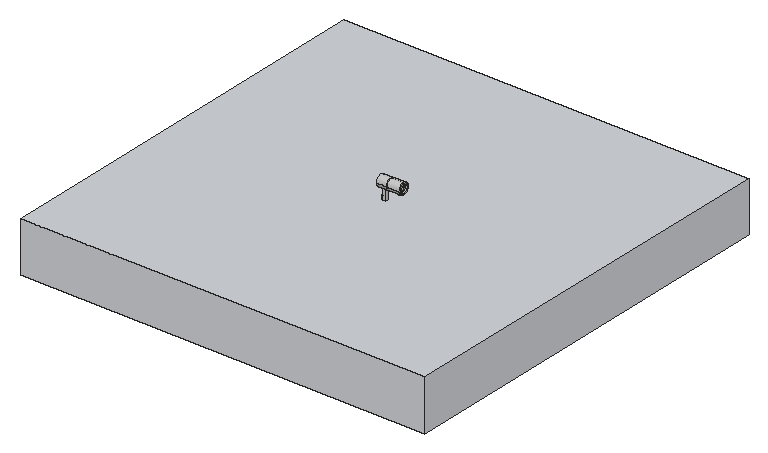
Revit family "LAMP_HANCE 48V 1000-2000 MEDIUM FLOOD", category Luminarias, Revit 2015
Parameters (values of type "685LM 2700 MEDIUM FLOOD BLACK")
  Weight = 0.435 kg
  Type = "COB PHILIPS"
  Tilting angle [instance] = 90.00°
  Tilting [instance] = if(Tilting angle < 0.00°, 0.00°, if(Tilting angle > 90.00°, 90.00°, Tilting angle))  # 90.00°
  Rotation angle [instance] = 90.00°
  Protection rating = "IP20"
  Product datasheet = "http://www.lamp.es/product-files/TECH/HS1TL10MF827NBB-EN.pdf"
  Product code = "HS1TL10MF827NBB"
  Product URL = "https://www.lamp.es/en/family/hance-48v_195581"
  Power Supply = "48V DC"
  Power = 9 W
  Plum = 9.4 W
  Photometric web file = Cuerpo Hance 48V BASE 1000_2000 (tilting)_MF : 685LM 2700 MEDIUM FLOOD BLACK
  Modelo = Product code  # "HS1TL10MF827NBB"
  Model explanation = "Availability of tilting between 0º and 90º, rotation between 0º and 355º and change ring color when placed in a project."
  Material tija = LAMP_Aluminio Hance Negro
  Manufacturer name = "LAMP"
  Manufacturer country = "Spain"
  Manufacturer URL = "http://www.lamp.es/en"
  MacAdam = "3"
  Luminaire type = "Indoor - Spotlight"
  Last update = "28/03/2019"
  Lamp = "COB LED"
  LED Lifetime = "50.000 L90 B10"
  Insulation class = "III"
  Installation instructions = "https://www.lamp.es/product-files/INS/1004290-B-INSTR.%20DE%20MONTAJE%20HANCE%2048V.pdf"
  Initial intensity = 685 lm
  Initial color = 2700 K
  IEE = "A+"
  Height = 135 mm
  Gear = "Electronic"
  Finish = "RAL9011 textured"
  Fabricante = Manufacturer name  # "LAMP"
  Default Elevation = 1219.2 mm
  Efficacy = 73 lm/W
  Diameter = 65 mm
  Descripción = "HANCE TRACK 48 1000 VWW MFL BK."
  Decorative ring [instance] = Aro decorativo 48V (tilting) (1000-2000) : Black
  Comentarios de tipo = Model explanation  # "Availability of tilting between 0º and 90º, rotation between 0º and 355º and change ring color when placed in a project."
  CRI = "80"
Types (12, lengths in mm): name | Product datasheet | Product code | Power | Plum | Photometric web file | Modelo | Material tija | LED Lifetime | Initial intensity | Initial color | Finish | Efficacy | Descripción
  685LM 2700 MEDIUM FLOOD BLACK | "http://www.lamp.es/product-files/TECH/HS1TL10MF827NBB-EN.pdf" | "HS1TL10MF827NBB" | 9 W | 9.4 W | Cuerpo Hance 48V BASE 1000_2000 (tilting)_MF : 685LM 2700 MEDIUM FLOOD BLACK | "HS1TL10MF827NBB" | LAMP_Aluminio Hance Negro | "50.000 L90 B10" | 685 lm | 2700 K | "RAL9011 textured" | 73 lm/W | "HANCE TRACK 48 1000 VWW MFL BK."
  685LM 2700 MEDIUM FLOOD WHITE | "http://www.lamp.es/product-files/TECH/HS1TL10MF827NBW-EN.pdf" | "HS1TL10MF827NBW" | 9 W | 9.4 W | Cuerpo Hance 48V BASE 1000_2000 (tilting)_MF : 685LM 2700 MEDIUM FLOOD WHITE | "HS1TL10MF827NBW" | LAMP_Aluminio Hance Blanco | "50.000 L90 B10" | 685 lm | 2700 K | "RAL9010 textured" | 73 lm/W | "HANCE TRACK 48 1000 VWW MFL WH."
  699LM 3000 MEDIUM FLOOD BLACK | "http://www.lamp.es/product-files/TECH/HS1TL10MF830NBB-EN.pdf" | "HS1TL10MF830NBB" | 9 W | 9.4 W | Cuerpo Hance 48V BASE 1000_2000 (tilting)_MF : 699LM 3000 MEDIUM FLOOD BLACK | "HS1TL10MF830NBB" | LAMP_Aluminio Hance Negro | "50.000 L90 B10" | 699 lm | 3000 K | "RAL9011 textured" | 74 lm/W | "HANCE TRACK 48 1000 WW MFL BK."
  699LM 3000 MEDIUM FLOOD WHITE | "http://www.lamp.es/product-files/TECH/HS1TL10MF830NBW-EN.pdf" | "HS1TL10MF830NBW" | 9 W | 9.4 W | Cuerpo Hance 48V BASE 1000_2000 (tilting)_MF : 699LM 3000 MEDIUM FLOOD WHITE | "HS1TL10MF830NBW" | LAMP_Aluminio Hance Blanco | "50.000 L90 B10" | 699 lm | 3000 K | "RAL9010 textured" | 74 lm/W | "HANCE TRACK 48 1000 WW MFL WH."
  740LM 4000 MEDIUM FLOOD BLACK | "http://www.lamp.es/product-files/TECH/HS1TL10MF840NBB-EN.pdf" | "HS1TL10MF840NBB" | 9 W | 9.4 W | Cuerpo Hance 48V BASE 1000_2000 (tilting)_MF : 740LM 4000 MEDIUM FLOOD BLACK | "HS1TL10MF840NBB" | LAMP_Aluminio Hance Negro | "50.000 L90 B10" | 740 lm | 4000 K | "RAL9011 textured" | 79 lm/W | "HANCE TRACK 48 1000 NW MFL BK."
  740LM 4000 MEDIUM FLOOD WHITE | "http://www.lamp.es/product-files/TECH/HS1TL10MF840NBW-EN.pdf" | "HS1TL10MF840NBW" | 9 W | 9.4 W | Cuerpo Hance 48V BASE 1000_2000 (tilting)_MF : 740LM 4000 MEDIUM FLOOD WHITE | "HS1TL10MF840NBW" | LAMP_Aluminio Hance Blanco | "50.000 L90 B10" | 740 lm | 4000 K | "RAL9010 textured" | 79 lm/W | "HANCE TRACK 48 1000 NW MFL WH."
  1487LM 2700 MEDIUM FLOOD BLACK | "http://www.lamp.es/product-files/TECH/HS1TL20MF827NBB-EN.pdf" | "HS1TL20MF827NBB" | 18 W | 16.9 W | Cuerpo Hance 48V BASE 1000_2000 (tilting)_MF : 1487LM 2700 MEDIUM FLOOD BLACK | "HS1TL20MF827NBB" | LAMP_Aluminio Hance Negro | "50.000 L80 B10" | 1487 lm | 2700 K | "RAL9011 textured" | 88 lm/W | "HANCE TRACK 48 2000 VWW MFL BK."
  1487LM 2700 MEDIUM FLOOD WHITE | "http://www.lamp.es/product-files/TECH/HS1TL20MF827NBW-EN.pdf" | "HS1TL20MF827NBW" | 18 W | 16.9 W | Cuerpo Hance 48V BASE 1000_2000 (tilting)_MF : 1487LM 2700 MEDIUM FLOOD WHITE | "HS1TL20MF827NBW" | LAMP_Aluminio Hance Blanco | "50.000 L80 B10" | 1487 lm | 2700 K | "RAL9010 textured" | 88 lm/W | "HANCE TRACK 48 2000 VWW MFL WH."
  1517LM 3000 MEDIUM FLOOD BLACK | "http://www.lamp.es/product-files/TECH/HS1TL20MF830NBB-EN.pdf" | "HS1TL20MF830NBB" | 18 W | 16.9 W | Cuerpo Hance 48V BASE 1000_2000 (tilting)_MF : 1517LM 3000 MEDIUM FLOOD BLACK | "HS1TL20MF830NBB" | LAMP_Aluminio Hance Negro | "50.000 L80 B10" | 1517 lm | 3000 K | "RAL9011 textured" | 90 lm/W | "HANCE TRACK 48 2000 WW MFL BK."
  1517LM 3000 MEDIUM FLOOD WHITE | "http://www.lamp.es/product-files/TECH/HS1TL20MF830NBW-EN.pdf" | "HS1TL20MF830NBW" | 18 W | 16.9 W | Cuerpo Hance 48V BASE 1000_2000 (tilting)_MF : 1517LM 3000 MEDIUM FLOOD WHITE | "HS1TL20MF830NBW" | LAMP_Aluminio Hance Blanco | "50.000 L80 B10" | 1517 lm | 3000 K | "RAL9010 textured" | 90 lm/W | "HANCE TRACK 48 2000 WW MFL WH."
  1607LM 4000 MEDIUM FLOOD BLACK | "http://www.lamp.es/product-files/TECH/HS1TL20MF840NBB-EN.pdf" | "HS1TL20MF840NBB" | 18 W | 16.9 W | Cuerpo Hance 48V BASE 1000_2000 (tilting)_MF : 1607LM 4000 MEDIUM FLOOD BLACK | "HS1TL20MF840NBB" | LAMP_Aluminio Hance Negro | "50.000 L80 B10" | 1607 lm | 4000 K | "RAL9011 textured" | 95 lm/W | "HANCE TRACK 48 2000 NW MFL BK."
  1607LM 4000 MEDIUM FLOOD WHITE | "http://www.lamp.es/product-files/TECH/HS1TL20MF840NBW-EN.pdf" | "HS1TL20MF840NBW" | 18 W | 16.9 W | Cuerpo Hance 48V BASE 1000_2000 (tilting)_MF : 1607LM 4000 MEDIUM FLOOD WHITE | "HS1TL20MF840NBW" | LAMP_Aluminio Hance Blanco | "50.000 L80 B10" | 1607 lm | 4000 K | "RAL9010 textured" | 95 lm/W | "HANCE TRACK 48 2000 NW MFL WH."
Reference planes
  plane 1 "Centro (Frontal/Posterior)": y = 0
  plane 2: z = 0
  plane 3 "Centro (Izquierda/Derecha)": x = 0
Forms (mm)
  Extrusion 1, solid
    sketch origin (0, 0, 0) x (1, 0, 0) y (0, 1, 0)
      loop
        line (-1219.2, 1219.2) -> (-1219.2, -1219.2) -> (1219.2, -1219.2) -> (1219.2, 1219.2) -> (-1219.2, 1219.2)
    from 0 to -304.8
Lines and regions (mm)
  reference lines
    curve 1: line (0, 0, 0) -> (35, 0, 0)
Text (mm)
  text "Any modification of the parameters and properties of the LAMP BIM models must be executed and validated by the LAMP technical department.\n\nPhone: +34 93 736 68 00\n\nE-mail: lamp@lamp.es\n\n\n\nLAMP reserves the right to modify the technical specifications of its products." at (-20834.097, 15882.061, -4447.286), in view "Preview"
Dimensions and locks
  "Rotation angle": angle curve 1 to plane 3 "Centro (Izquierda/Derecha)"
  aligned and locked: plane 2 to Extrusion 1
  aligned and locked: level to Extrusion 1
  aligned and locked: plane 3 "Centro (Izquierda/Derecha)" to curve 1
  aligned and locked: plane 1 "Centro (Frontal/Posterior)" to curve 1
Automatic sketch dimensions
  Extrusion 1 sketch curve to Extrusion 1 sketch curve = 2438.4 mm  (x2)
Nested families
  nested 1: "Tija 48V (1000-2000)" at (4.1, 0, 0), type "Tija 48V"
  nested 2: "Cuerpo Hance 48V BASE 1000_2000 (tilting)_MF" at (1.081, -1.967, 77.249) x (1, 0, 0) z (0, 0, -1), type <- "Photometric web file", type "685LM 2700 MEDIUM FLOOD BLACK"
  nested 3: "Aro decorativo 48V (tilting) (1000-2000)" at (57.856, 0, 77.274) x (0, 0, 1) z (1, 0, 0), type <- "Decorative ring", type "Black"
    with Tilting 0.00°
Definition of nested family "Tija 48V (1000-2000)"
  Parameters (values of type "Tija 48V")
    Profundidad tija = 18 mm
    Material tija = none
    Default Elevation = 1219.2 mm
    Diametro vaciado redondo = if(Anchura tija = 20 mm, 10 mm, 7.5 mm)  # 10 mm
    Anchura tija = 20 mm
    Profundo vaciado = if(Profundidad tija = 18 mm, 10.8 mm, 1 mm)  # 10.8 mm
    Ancho vaciado = Anchura tija  # 20 mm
    Altura tija = 88.5 mm
  Reference planes
    plane 1 "Centro (Frontal/Posterior)": y = 0
    plane 2: z = 0
    plane 3 "Centro (Izquierda/Derecha)": x = 0
  Forms (mm)
    Extrusion 1, solid
      sketch origin (0, 0, 0) x (1, 0, 0) y (0, 1, 0)
        loop
          line (-1219.2, 1219.2) -> (-1219.2, -1219.2) -> (1219.2, -1219.2) -> (1219.2, 1219.2) -> (-1219.2, 1219.2)
      from 0 to -304.8
    Extrusion 2, solid, material <- "Material tija"
      sketch origin (0, 0, -18) x (1, 0, 0) y (0, 0, 1)
        loop
          line (13.9, 18) -> (13.9, 106.5) -> (-6.297, 106.5)
          arc (-6.297, 106.5) -> (-12.297, 100.5) -> (-6.297, 94.5) r 6
          line (-6.297, 94.5) -> (-4.1, 94.5) -> (-4.1, 40) -> (-18.142, 40) -> (-18.142, 18) -> (-4.1, 18) -> (13.9, 18)
      from -10 to 10
    Extrusion 3, void
      sketch origin (10.8, -11.5, 0) x (-1, 0, 0) y (0, 1, 0)
        loop
          line (0, 21.5) -> (-28.341, 21.5) -> (-28.341, 1.5) -> (0, 1.5)
          arc (0, 1.5) -> (-1.264, 11.5) -> (0, 21.5) r 40.201
      from -132.265 to 0
    Extrusion 4, void
      sketch origin (27.648, 0, 0) x (1, 0, 0) y (0, 1, 0)
        loop
          line (-31.748, 10) -> (-31.748, 20) -> (-61.648, 20) -> (-61.648, -18.394) -> (-31.748, -18.394) -> (-31.748, -10)
          arc (-31.748, -10) -> (-41.748, 0) -> (-31.748, 10) r 10
      from 0 to 22
    Extrusion 5, void
      sketch origin (0, 0, 0) x (1, 0, 0) y (0, 0, 1)
        loop
          circle (-7.621, 82.5) r 3.125
        loop
          circle (-7.621, 46.9) r 3.125
      from -21.347 to 27.483
  Cuts and joins
    Extrusion 3, Extrusion 4, Extrusion 5 cuts Extrusion 2
  Lines and regions (mm)
    reference lines
      curve 1: line (10.8, -11.5, 0) -> (10.8, 11.5, 0)
  Dimensions and locks
    equal spacing: cut or joined group of Extrusion 2, Extrusion 3, Extrusion 4, Extrusion 5, plane 1 "Centro (Frontal/Posterior)", cut or joined group of Extrusion 2, Extrusion 3, Extrusion 4, Extrusion 5
    "Anchura tija": cut or joined group of Extrusion 2, Extrusion 3, Extrusion 4, Extrusion 5 to cut or joined group of Extrusion 2, Extrusion 3, Extrusion 4, Extrusion 5
    plane 1 "Centro (Frontal/Posterior)" to Extrusion 3 sketch curve = 10 mm
    "Altura tija": Extrusion 2 sketch curve to Extrusion 2 sketch curve
    "Profundidad tija": cut or joined group of Extrusion 2, Extrusion 3, Extrusion 4, Extrusion 5 to cut or joined group of Extrusion 2, Extrusion 3, Extrusion 4, Extrusion 5
    locked: cut or joined group of Extrusion 2, Extrusion 3, Extrusion 4, Extrusion 5 to plane 3 "Centro (Izquierda/Derecha)" at 4.1
    locked: plane 3 "Centro (Izquierda/Derecha)" to Extrusion 3 sketch curve at 39.141
    "Profundo vaciado": plane 3 "Centro (Izquierda/Derecha)" to curve 1
    "Ancho vaciado": Extrusion 3 sketch curve to Extrusion 3 sketch curve
    equal spacing: Extrusion 3 sketch curve, plane 1 "Centro (Frontal/Posterior)", Extrusion 3 sketch curve
    "Diametro vaciado redondo": radius of Extrusion 4 sketch curve
    aligned and locked: plane 2 to Extrusion 1
    aligned and locked: level to Extrusion 1
  Automatic sketch dimensions
    Extrusion 1 sketch curve to Extrusion 1 sketch curve = 2438.4 mm  (x2)
    Extrusion 5 sketch curve to plane 3 "Centro (Izquierda/Derecha)" = 7.621 mm  (x2)
    level to Extrusion 5 sketch curve = 46.9 mm
    Extrusion 5 sketch curve to Extrusion 5 sketch curve = 35.6 mm
    Extrusion 5 sketch curve to Extrusion 5 sketch curve = 3.125 mm  (x2)
    Extrusion 2 sketch curve to level = 0 mm
    Extrusion 2 sketch curve to plane 3 "Centro (Izquierda/Derecha)" = 18.142 mm
    Extrusion 2 sketch curve to plane 3 "Centro (Izquierda/Derecha)" = 6.297 mm
    Extrusion 2 sketch curve to plane 3 "Centro (Izquierda/Derecha)" = 4.1 mm  (x2)
    plane 3 "Centro (Izquierda/Derecha)" to Extrusion 2 sketch curve = 13.9 mm
    level to Extrusion 2 sketch curve = 22 mm
    Extrusion 2 sketch curve to Extrusion 2 sketch curve = 12 mm
    plane 1 "Centro (Frontal/Posterior)" to curve 1 = 11.5 mm
    curve 1 to plane 1 "Centro (Frontal/Posterior)" = 11.5 mm
    Extrusion 3 sketch curve to curve 1 = 0 mm  (x2)
    curve 1 to Extrusion 3 sketch curve = 38.937 mm
    plane 1 "Centro (Frontal/Posterior)" to Extrusion 4 sketch curve = 0 mm
    Extrusion 4 sketch curve to plane 3 "Centro (Izquierda/Derecha)" = 34 mm
    Extrusion 4 sketch curve to plane 3 "Centro (Izquierda/Derecha)" = 4.1 mm
    plane 1 "Centro (Frontal/Posterior)" to Extrusion 4 sketch curve = 18.394 mm
    Extrusion 4 sketch curve to Extrusion 4 sketch curve = 10 mm
Definition of nested family "Cuerpo Hance 48V BASE 1000_2000 (tilting)_MF"
  Parameters (values of type "685LM 2700 MEDIUM FLOOD BLACK")
    Tilting = 90.00°
    Photometric web file = Cuerpo Hance 48V BASE 1000_2000_MF : 685LM 2700 MEDIUM FLOOD BLACK
    Longitud cuerpo = 135 mm
    Default Elevation = 1219.2 mm
  Types (13, lengths in mm): name | Photometric web file
    (no name) | Cuerpo Hance 48V BASE 1000_2000_MF : 685LM 2700 MEDIUM FLOOD BLACK
    685LM 2700 MEDIUM FLOOD BLACK | Cuerpo Hance 48V BASE 1000_2000_MF : 685LM 2700 MEDIUM FLOOD BLACK
    685LM 2700 MEDIUM FLOOD WHITE | Cuerpo Hance 48V BASE 1000_2000_MF : 685LM 2700 MEDIUM FLOOD WHITE
    699LM 3000 MEDIUM FLOOD BLACK | Cuerpo Hance 48V BASE 1000_2000_MF : 699LM 3000 MEDIUM FLOOD BLACK
    699LM 3000 MEDIUM FLOOD WHITE | Cuerpo Hance 48V BASE 1000_2000_MF : 699LM 3000 MEDIUM FLOOD WHITE
    740LM 4000 MEDIUM FLOOD BLACK | Cuerpo Hance 48V BASE 1000_2000_MF : 740LM 4000 MEDIUM FLOOD BLACK
    740LM 4000 MEDIUM FLOOD WHITE | Cuerpo Hance 48V BASE 1000_2000_MF : 740LM 4000 MEDIUM FLOOD WHITE
    1487LM 2700 MEDIUM FLOOD BLACK | Cuerpo Hance 48V BASE 1000_2000_MF : 1487LM 2700 MEDIUM FLOOD BLACK
    1487LM 2700 MEDIUM FLOOD WHITE | Cuerpo Hance 48V BASE 1000_2000_MF : 1487LM 2700 MEDIUM FLOOD WHITE
    1517LM 3000 MEDIUM FLOOD BLACK | Cuerpo Hance 48V BASE 1000_2000_MF : 1517LM 3000 MEDIUM FLOOD BLACK
    1517LM 3000 MEDIUM FLOOD WHITE | Cuerpo Hance 48V BASE 1000_2000_MF : 1517LM 3000 MEDIUM FLOOD WHITE
    1607LM 4000 MEDIUM FLOOD BLACK | Cuerpo Hance 48V BASE 1000_2000_MF : 1607LM 4000 MEDIUM FLOOD BLACK
    1607LM 4000 MEDIUM FLOOD WHITE | Cuerpo Hance 48V BASE 1000_2000_MF : 1607LM 4000 MEDIUM FLOOD WHITE
  Reference planes
    plane 1 "Centro (Frontal/Posterior)": y = 0
    plane 2: z = 0
    plane 3 "Centro (Izquierda/Derecha)": x = 0
  Lines and regions (mm)
    reference lines
      curve 1: line (0, 0, 0) -> (200, 0, 0)
  Dimensions and locks
    "Tilting": angle plane 3 "Centro (Izquierda/Derecha)" to curve 1
    aligned and locked: level to plane 2
    aligned and locked: plane 3 "Centro (Izquierda/Derecha)" to curve 1
    aligned and locked: plane 2 to curve 1
  Nested families
    nested 1: "Cuerpo Hance 48V BASE 1000_2000_MF" at (21.857, -1.967, 11.25), type <- "Photometric web file", type "685LM 2700 MEDIUM FLOOD BLACK"
  Definition of nested family "Cuerpo Hance 48V BASE 1000_2000_MF"
    Parameters (values of type "685LM 2700 MEDIUM FLOOD BLACK")
      Tilt Angle = 90.00° + Tilting  # 180.00°
      Wattage = 9.4 W
      Tilting = 90.00°
      built-in parameter 1150107 = 2700 (stored number, unit not read)
      Radio vacio posterior = Radio cuerpo - 2.2 mm  # 30.3 mm
      Radio vaciado = Radio cuerpo - 1.5 mm  # 31 mm
      Radio optica = if(Radio cuerpo = 20 mm, 10 mm, 23 mm)  # 23 mm
      Radio cuerpo = if(Longitud cuerpo = 78 mm, 20 mm, 32.5 mm)  # 32.5 mm
      built-in parameter 1150110 = 1 (stored number, unit not read)
      built-in parameter 1150109 = 1 (stored number, unit not read)
      built-in parameter 1150112 = 1 (stored number, unit not read)
      built-in parameter 1150113 = 1 (stored number, unit not read)
      built-in parameter 1114218 = 1 (stored number, unit not read)
      built-in parameter 1150137 = (empty or 0)
      built-in parameter 1150132 = 2
      Material reflector = none
      Material optica = none
      Material cuerpo = none
      Material COB = none
      Longitud cuerpo = 135 mm
      Long. origen luz = if(Longitud cuerpo = 78 mm, 20 mm, 77 mm)  # 77 mm
      L_2 = if(Ancho disipador posterior = 32 mm, 9.5 mm, 21 mm)  # 21 mm
      L_1 = if(Ancho disipador posterior = 32 mm, 13 mm, 27 mm)  # 27 mm
      built-in parameter 1150105 = 3804 (stored number, unit not read)
      built-in parameter 1150102 = (empty or 0)
      built-in parameter 1150106 = 38.04 (stored number, unit not read)
      Lumens = 686.2 lm
      Color Filter = 16777215
      built-in parameter 1114217 = 1 (stored number, unit not read)
      built-in parameter 1150139 = (empty or 0)
      Default Elevation = 1219.2 mm
      built-in parameter 1150104 = 6.7819 (stored number, unit not read)
      Efficacy = 73 lm/W
      Diametro aro = if(Radio cuerpo = 20 mm, 17.9 mm, 30.4 mm)  # 30.4 mm
      built-in parameter 1150115 = 1 (stored number, unit not read)
      built-in parameter 1150114 = 1 (stored number, unit not read)
      built-in parameter 1150138 = (empty or 0)
      built-in parameter 1150134 = (empty or 0)
      Dimming Lamp Color Temperature Shift = (empty or 0)
      Photometric Web File = "HS1TL10MF827NBB.IES"
      Ancho vaciado reflector = Ancho reflector - 1 mm  # 23 mm
      Ancho reflector = 24 mm
      Ancho disipador posterior = if(Radio cuerpo = 20 mm, 32 mm, 57 mm)  # 57 mm
      built-in parameter 1150133 = 10 (stored number, unit not read)
      Altura disipador superior = if(Radio cuerpo = 20 mm, 44.3 mm, 45.3 mm)  # 45.3 mm
      Ancho disipador superior = if(Radio cuerpo = 20 mm, 16.8 mm, 22.6 mm)  # 22.6 mm
    Types (12, lengths in mm): name | Wattage | built-in parameter 1150107 | built-in parameter 1150105 | built-in parameter 1150106 | Lumens | built-in parameter 1150104 | Efficacy | built-in parameter 1150134 | Photometric Web File
      685LM 2700 MEDIUM FLOOD BLACK | 9.4 W | 2700 (stored number, unit not read) | 3804 (stored number, unit not read) | 38.04 (stored number, unit not read) | 686.2 lm | 6.7819 (stored number, unit not read) | 73 lm/W | (empty or 0) | "HS1TL10MF827NBB.IES"
      685LM 2700 MEDIUM FLOOD WHITE | 9.4 W | 2700 (stored number, unit not read) | 3804 (stored number, unit not read) | 38.04 (stored number, unit not read) | 686.2 lm | 6.7819 (stored number, unit not read) | 73 lm/W | (empty or 0) | "HS1TL10MF827NBW.IES"
      699LM 3000 MEDIUM FLOOD BLACK | 9.4 W | 3000 (stored number, unit not read) | 2583.5 (stored number, unit not read) | 25.835 (stored number, unit not read) | 695.6 lm | 6.8748 (stored number, unit not read) | 74 lm/W | (empty or 0) | "HS1TL10MF830NBB.IES"
      699LM 3000 MEDIUM FLOOD WHITE | 9.4 W | 3000 (stored number, unit not read) | 2583.5 (stored number, unit not read) | 25.835 (stored number, unit not read) | 695.6 lm | 6.8748 (stored number, unit not read) | 74 lm/W | (empty or 0) | "HS1TL10MF830NBW.IES"
      740LM 4000 MEDIUM FLOOD BLACK | 9.4 W | 4000 (stored number, unit not read) | 2758 (stored number, unit not read) | 27.58 (stored number, unit not read) | 742.6 lm | 7.3393 (stored number, unit not read) | 79 lm/W | 12 | "HS1TL10MF840NBB.IES"
      740LM 4000 MEDIUM FLOOD WHITE | 9.4 W | 4000 (stored number, unit not read) | 2758 (stored number, unit not read) | 27.58 (stored number, unit not read) | 742.6 lm | 7.3393 (stored number, unit not read) | 79 lm/W | 12 | "HS1TL10MF840NBW.IES"
      1487LM 2700 MEDIUM FLOOD BLACK | 16.9 W | 2700 (stored number, unit not read) | 5523.5 (stored number, unit not read) | 55.235 (stored number, unit not read) | 1487.2 lm | 8.1755 (stored number, unit not read) | 88 lm/W | (empty or 0) | "HS1TL20MF827NBB.IES"
      1487LM 2700 MEDIUM FLOOD WHITE | 16.9 W | 2700 (stored number, unit not read) | 5523.5 (stored number, unit not read) | 55.235 (stored number, unit not read) | 1487.2 lm | 8.1755 (stored number, unit not read) | 88 lm/W | (empty or 0) | "HS1TL20MF827NBW.IES"
      1517LM 3000 MEDIUM FLOOD BLACK | 16.9 W | 3000 (stored number, unit not read) | 5271.9 (stored number, unit not read) | 52.719 (stored number, unit not read) | 1521 lm | 8.3613 (stored number, unit not read) | 90 lm/W | (empty or 0) | "HS1TL20MF830NBB.IES"
      1517LM 3000 MEDIUM FLOOD WHITE | 16.9 W | 3000 (stored number, unit not read) | 5271.9 (stored number, unit not read) | 52.719 (stored number, unit not read) | 1521 lm | 8.3613 (stored number, unit not read) | 90 lm/W | (empty or 0) | "HS1TL20MF830NBW.IES"
      1607LM 4000 MEDIUM FLOOD BLACK | 16.9 W | 4000 (stored number, unit not read) | 5564.8 (stored number, unit not read) | 55.648 (stored number, unit not read) | 1605.5 lm | 8.8258 (stored number, unit not read) | 95 lm/W | 12 | "HS1TL20MF840NBB.IES"
      1607LM 4000 MEDIUM FLOOD WHITE | 16.9 W | 4000 (stored number, unit not read) | 5564.8 (stored number, unit not read) | 55.648 (stored number, unit not read) | 1605.5 lm | 8.8258 (stored number, unit not read) | 95 lm/W | 12 | "HS1TL20MF840NBW.IES"
    Reference planes
      plane 1 "Centro (Frontal/Posterior)": y = 0
      plane 2: z = 0
      plane 3 "Centro (Izquierda/Derecha)": x = 0
    Forms (mm)
      Extrusion 1, solid, material <- "Material cuerpo"
        sketch origin (0, 0, 0) x (0, -1, 0) y (0, 0, 1)
          loop
            circle (0, -27.875) r 32.5
        from -93 to 42
      Extrusion 2, void
        sketch origin (0, 0, 0) x (0, 1, 0) y (0, 0, 1)
          loop
            line (11.3, 30) -> (-11.3, 30) -> (-11.3, -15.3)
            arc (-11.3, -15.3) -> (0, -16.149) -> (11.3, -15.3) r 75.643
            line (11.3, -15.3) -> (11.3, 30)
        from -42 to -9.283
      Extrusion 3, void
        sketch origin (0, 0, 0) x (0, 1, 0) y (0, 0, 1)
          loop
            circle (0, -27.875) r 30.3
        from -42 to -41
      Extrusion 4, void
        sketch origin (0, 0, 0) x (0, 1, 0) y (0, 0, 1)
          loop
            line (28.5, -26.291) -> (-28.5, -26.291)
            arc (-28.5, -26.291) -> (-29.7, -27.491) -> (-28.5, -28.691) r 1.2
            line (-28.5, -28.691) -> (28.5, -28.691)
            arc (28.5, -28.691) -> (29.7, -27.491) -> (28.5, -26.291) r 1.2
          loop
            line (28.115, -30.891) -> (-28.115, -30.891)
            arc (-28.115, -30.891) -> (-29.315, -32.091) -> (-28.115, -33.291) r 1.2
            line (-28.115, -33.291) -> (28.115, -33.291)
            arc (28.115, -33.291) -> (29.315, -32.091) -> (28.115, -30.891) r 1.2
          loop
            line (27, -35.404) -> (-25.984, -35.404)
            arc (-25.984, -35.404) -> (-27.184, -36.604) -> (-25.984, -37.804) r 1.2
            line (-25.984, -37.804) -> (27, -37.804)
            arc (27, -37.804) -> (28.2, -36.604) -> (27, -35.404) r 1.2
          loop
            line (21, -39.58) -> (-21.697, -39.58)
            arc (-21.697, -39.58) -> (-22.897, -40.78) -> (-21.697, -41.98) r 1.2
            line (-21.697, -41.98) -> (21, -41.98)
            arc (21, -41.98) -> (22.2, -40.78) -> (21, -39.58) r 1.2
        from -42 to -38.7
      Extrusion 5, void
        sketch origin (0, 0, 0) x (-1, 0, 0) y (0, -1, 0)
          loop
            line (37.7, -6.3) -> (37.7, 6.3)
            arc (37.7, 6.3) -> (36.6, 7.4) -> (35.5, 6.3) r 1.1
            line (35.5, 6.3) -> (35.5, -6.3)
            arc (35.5, -6.3) -> (36.6, -7.4) -> (37.7, -6.3) r 1.1
          loop
            line (28.9, -6.3) -> (28.9, 6.3)
            arc (28.9, 6.3) -> (27.8, 7.4) -> (26.7, 6.3) r 1.1
            line (26.7, 6.3) -> (26.7, -6.3)
            arc (26.7, -6.3) -> (27.8, -7.4) -> (28.9, -6.3) r 1.1
          loop
            line (20.1, -6.3) -> (20.1, 6.3)
            arc (20.1, 6.3) -> (19, 7.4) -> (17.9, 6.3) r 1.1
            line (17.9, 6.3) -> (17.9, -6.3)
            arc (17.9, -6.3) -> (19, -7.4) -> (20.1, -6.3) r 1.1
        from -18.74 to 30
      Extrusion 6, void
        sketch origin (0, 0, 0) x (-1, 0, 0) y (0, -1, 0)
          loop
            line (33.3, -6.3) -> (33.3, 6.3)
            arc (33.3, 6.3) -> (32.2, 7.4) -> (31.1, 6.3) r 1.1
            line (31.1, 6.3) -> (31.1, -6.3)
            arc (31.1, -6.3) -> (32.2, -7.4) -> (33.3, -6.3) r 1.1
          loop
            line (24.5, -6.3) -> (24.5, 6.3)
            arc (24.5, 6.3) -> (23.4, 7.4) -> (22.3, 6.3) r 1.1
            line (22.3, 6.3) -> (22.3, -6.3)
            arc (22.3, -6.3) -> (23.4, -7.4) -> (24.5, -6.3) r 1.1
        from -16.455 to 30
      Extrusion 7, void
        sketch origin (0, 0, 0) x (0, 1, 0) y (0, 0, 1)
          loop
            circle (0, -27.875) r 31
        from 17.213 to 93
      Extrusion 8, solid, material <- "Material COB"
        sketch origin (0, 0, 0) x (0, -1, 0) y (0, 0, 1)
          loop
            circle (0, -27.875) r 7.733
        from -75.2 to -74.213
      Revolve 9, solid, material <- "Material reflector"
        sketch origin (0, 0, 0) x (1, 0, 0) y (0, 0, 1)
          loop
            line (79.5, -3.875) -> (74.213, -6.142) -> (73.213, -6.57) -> (73.213, -27.875) -> (74.213, -27.875) -> (74.213, -20.142) -> (75.2, -20.142) -> (79.5, -4.875) -> (79.5, -3.875)
          axis (73.213, -27.875) -> (79.5, -27.875)
        angle from 0 to 360
    Cuts and joins
      Extrusion 2, Extrusion 3, Extrusion 4, Extrusion 5, Extrusion 6, Extrusion 7 cuts Extrusion 1
    Lines and regions (mm)
      reference lines
        curve 1: line (0, 0, 0) -> (178.042, 0, 0)
        curve 2: line (36, 0, -27.875) -> (113, 0, -27.875)
        curve 3: line (0, 0, 0) -> (0, 0, -75)
        curve 4: line (36, 0, -22.875) -> (36, 0, -32.875)
    Text (mm)
      text "Any modification of the parameters and properties of the LAMP BIM models must be executed and validated by the LAMP technical department.\n\nPhone: +34 93 736 68 00\n\nE-mail: lamp@lamp.es\n\n\n\nLAMP reserves the right to modify the technical specifications of its products." at (97482.136, -81600.41, 57308.082), in view "Preview"
    Dimensions and locks
      "Longitud cuerpo": cut or joined group of Extrusion 1, Extrusion 2, Extrusion 3, Extrusion 4, Extrusion 5, Extrusion 6, Extrusion 7 to cut or joined group of Extrusion 1, Extrusion 2, Extrusion 3, Extrusion 4, Extrusion 5, Extrusion 6, Extrusion 7
      locked: cut or joined group of Extrusion 1, Extrusion 2, Extrusion 3, Extrusion 4, Extrusion 5, Extrusion 6, Extrusion 7 to curve 3 at 42
      "Long. origen luz": curve 4 to curve 2
      equal spacing: Extrusion 4 sketch curve, plane 1 "Centro (Frontal/Posterior)", Extrusion 4 sketch curve
      "Ancho disipador posterior": Extrusion 4 sketch curve to Extrusion 4 sketch curve
      "L_1": Extrusion 4 sketch curve to plane 1 "Centro (Frontal/Posterior)"
      "L_2": Extrusion 4 sketch curve to curve 3
      equal spacing: Extrusion 2 sketch curve, plane 1 "Centro (Frontal/Posterior)", Extrusion 2 sketch curve
      "Ancho disipador superior": Extrusion 2 sketch curve to Extrusion 2 sketch curve
      "Altura disipador superior": Extrusion 2 sketch curve to Extrusion 2 sketch curve
      locked: plane 2 to Extrusion 2 sketch curve at 30
      locked: Extrusion 8 to Extrusion 8 at 0.987
      locked: cut or joined group of Extrusion 1, Extrusion 2, Extrusion 3, Extrusion 4, Extrusion 5, Extrusion 6, Extrusion 7 to Extrusion 8 at 17.8
      "Ancho reflector": Revolve 9 sketch curve to imposter light
      locked: Revolve 9 to cut or joined group of Extrusion 1, Extrusion 2, Extrusion 3, Extrusion 4, Extrusion 5, Extrusion 6, Extrusion 7 at 13.5
      "Radio cuerpo": radius of Extrusion 1 sketch curve
      "Radio vaciado": radius of Extrusion 7 sketch curve
      "Radio vacio posterior": radius of Extrusion 3 sketch curve
      "Tilting": angle plane 3 "Centro (Izquierda/Derecha)" to curve 1
      aligned and locked: level to plane 2
      aligned and locked: imposter light to curve 2  (x2)
      aligned and locked: cut or joined group of Extrusion 1, Extrusion 2, Extrusion 3, Extrusion 4, Extrusion 5, Extrusion 6, Extrusion 7 to cut or joined group of Extrusion 1, Extrusion 2, Extrusion 3, Extrusion 4, Extrusion 5, Extrusion 6, Extrusion 7
    Automatic sketch dimensions
      Extrusion 8 sketch curve to plane 1 "Centro (Frontal/Posterior)" = 0 mm
      curve 1 to Extrusion 5 sketch curve = 17.9 mm
      Extrusion 5 sketch curve to Extrusion 5 sketch curve = 1.1 mm  (x3)
      Extrusion 5 sketch curve to Extrusion 5 sketch curve = 6.6 mm  (x2)
      Extrusion 5 sketch curve to curve 1 = 6.3 mm  (x3)
      curve 1 to Extrusion 5 sketch curve = 6.3 mm  (x3)
      Extrusion 6 sketch curve to curve 1 = 6.3 mm  (x2)
      curve 1 to Extrusion 6 sketch curve = 22.3 mm
      Extrusion 6 sketch curve to Extrusion 6 sketch curve = 1.1 mm  (x2)
      Extrusion 6 sketch curve to Extrusion 6 sketch curve = 6.6 mm
      curve 1 to Extrusion 6 sketch curve = 6.3 mm
      Extrusion 6 sketch curve to Extrusion 6 sketch curve = 0 mm
      Extrusion 1 sketch curve to plane 1 "Centro (Frontal/Posterior)" = 0 mm
      Extrusion 1 sketch curve to level = 27.875 mm
      Extrusion 2 sketch curve to plane 1 "Centro (Frontal/Posterior)" = 0 mm
      Extrusion 2 sketch curve to Extrusion 2 sketch curve = 29.494 mm
      Extrusion 3 sketch curve to plane 1 "Centro (Frontal/Posterior)" = 0 mm
      Extrusion 3 sketch curve to level = 27.875 mm
      Extrusion 4 sketch curve to Extrusion 4 sketch curve = 0.385 mm  (x2)
      Extrusion 4 sketch curve to Extrusion 4 sketch curve = 2.132 mm
      Extrusion 4 sketch curve to Extrusion 4 sketch curve = 4.287 mm
      Extrusion 4 sketch curve to level = 41.98 mm
      Extrusion 4 sketch curve to Extrusion 4 sketch curve = 1.2 mm  (x4)
      Extrusion 4 sketch curve to Extrusion 4 sketch curve = 1.776 mm
      Extrusion 4 sketch curve to Extrusion 4 sketch curve = 2.113 mm
      Extrusion 4 sketch curve to Extrusion 4 sketch curve = 2.2 mm
      Extrusion 7 sketch curve to plane 1 "Centro (Frontal/Posterior)" = 0 mm
      Extrusion 7 sketch curve to level = 27.875 mm
      curve 1 to level = 0 mm
      curve 1 to plane 3 "Centro (Izquierda/Derecha)" = 0 mm
      curve 3 to curve 1 = 0 mm  (x2)
      curve 3 to curve 1 = 75 mm
      curve 1 to curve 4 = 36 mm
      curve 1 to curve 4 = 32.875 mm
      curve 1 to curve 2 = 27.875 mm
      curve 2 to curve 4 = 5 mm
      Revolve 9 sketch curve to level = 6.57 mm
      plane 3 "Centro (Izquierda/Derecha)" to Revolve 9 sketch curve = 73.213 mm
      Revolve 9 sketch curve to level = 6.142 mm
      Revolve 9 sketch curve to Revolve 9 sketch curve = 1 mm  (x3)
      Revolve 9 sketch curve to level = 20.142 mm
      Revolve 9 sketch curve to Revolve 9 sketch curve = 0.987 mm
      Revolve 9 sketch curve to Revolve 9 sketch curve = 5.287 mm
      Revolve 9 sketch curve to Revolve 9 sketch curve = 7.733 mm
      Revolve 9 sketch curve to Revolve 9 sketch curve = 0 mm  (x2)
      Revolve 9 sketch curve to Revolve 9 sketch curve = 18.787 mm
      radius of Extrusion 8 sketch curve = 7.733 mm
Definition of nested family "Aro decorativo 48V (tilting) (1000-2000)"
  Parameters (values of type "Copper")
    Weight (1000/2000) = 0.01 kg
    Weight (500) = 0.004 kg
    Tilting = 90.00°
    Product datasheet = ""
    Product code (1000/2000) = "HSRI65C"
    Product code (500) = "HSRI40C"
    Product URL = ""
    Model = ""
    Material aro secundario = none
    Material aro = none
    Manufacturer name = "LAMP"
    Manufacturer country = "Spain"
    Manufacturer URL = "http://www.lamp.es/en"
    Longitud = 47.9 mm
    Last update = "18/03/2019"
    Installation instructions = ""
    Finish = "Metalized matt copper"
    Manufacturer = Manufacturer name  # "LAMP"
    Default Elevation = 1219.2 mm
    Diameter (1000/2000) = 65 mm
    Diameter (500) = 40 mm
    Description = ""
    Accessory Type = "Optic"
    1000/2000 Model = "HSRI65C"
    1000/2000 Description = "HANCE 1000/2000 ACC. RING DECO CO."
    500 Model = "HSRI40C"
    500 Description = "HANCE 500 ACC. RING DECO CO."
  Types (5, lengths in mm): name | Product code (1000/2000) | Product code (500) | Finish | 1000/2000 Model | 1000/2000 Description | 500 Model | 500 Description
    (no name) | "HSRI65C" | "HSRI40C" | "Metalized matt copper" | "HSRI65C" | "HANCE 1000/2000 ACC. RING DECO CO." | "HSRI40C" | "HANCE 500 ACC. RING DECO CO."
    Black | "" | "" | "Matt black" | "" | "" | "" | ""
    Copper | "HSRI65C" | "HSRI40C" | "Metalized matt copper" | "HSRI65C" | "HANCE 1000/2000 ACC. RING DECO CO." | "HSRI40C" | "HANCE 500 ACC. RING DECO CO."
    Grey | "HSRI65M" | "HSRI40M" | "Metalized matt silver" | "HSRI65M" | "HANCE 1000/2000 ACC. RING DECO MET." | "HSRI40M" | "HANCE 500 ACC. RING DECO MET."
    White | "HSRI65W" | "HSRI40W" | "Matt black" | "HSRI65W" | "HANCE 1000/2000 ACC. RING DECO WH." | "HSRI40W" | "HANCE 500 ACC. RING DECO WH."
  Reference planes
    plane 1 "Centro (Frontal/Posterior)": y = 0
    plane 2: z = 0
    plane 3 "Centro (Izquierda/Derecha)": x = 0
  Lines and regions (mm)
    reference lines
      curve 1: line (0, 0, 0) -> (0, 0, -16.564)
      curve 2: line (0, 0, -16.564) -> (47.89, 0, -16.564)
  Text (mm)
    text "Any modification of the parameters and properties of the LAMP BIM models must be executed and validated by the LAMP technical department.\n\nPhone: +34 93 736 68 00\n\nE-mail: lamp@lamp.es\n\n\n\nLAMP reserves the right to modify the technical specifications of its products." at (86527.204, -96597.187, 50741.736), in view "Preview"
  Dimensions and locks
    "Tilting": angle curve 1 to plane 2
    aligned and locked: level to plane 2
    aligned and locked: plane 3 "Centro (Izquierda/Derecha)" to curve 1
    aligned and locked: plane 2 to curve 1
  Automatic sketch dimensions
    curve 2 to curve 1 = 0 mm
    curve 1 to curve 2 = 0 mm
    curve 1 to curve 2 = 47.89 mm
  Nested families
    nested 1: "Aro decorativo 48V (1000-2000)" at (-0.01, 0, 0), type "Copper"
  Definition of nested family "Aro decorativo 48V (1000-2000)"
    Parameters (values of type "Copper")
      Weight (1000/2000) = 0.01 kg
      Weight (500) = 0.004 kg
      Product datasheet = ""
      Product code (1000/2000) = "HSRI65C"
      Product code (500) = "HSRI40C"
      Product URL = ""
      Model = ""
      Material aro secundario = none
      Material aro = none
      Manufacturer name = "LAMP"
      Manufacturer country = "Spain"
      Manufacturer URL = "http://www.lamp.es/en"
      Longitud = 47.9 mm
      Last update = "18/03/2019"
      Installation instructions = ""
      Finish = "Metalized matt copper"
      Manufacturer = Manufacturer name  # "LAMP"
      Radio vaciado aro interior = 24.921 mm
      Radio vaciado aro exterior = 30 mm
      Radio aro interior = 25.985 mm
      Radio aro exterior = 31 mm
      Default Elevation = 1219.2 mm
      Diameter (1000/2000) = 65 mm
      Diameter (500) = 40 mm
      Description = ""
      Accessory Type = "Optic"
      1000/2000 Model = "HSRI65C"
      1000/2000 Description = "HANCE 1000/2000 ACC. RING DECO CO."
      500 Description = "HANCE 500 ACC. RING DECO CO."
      500 Model = "HSRI40C"
    Types (5, lengths in mm): name | Product code (1000/2000) | Product code (500) | Finish | Radio vaciado aro interior | Radio aro interior | 1000/2000 Model | 1000/2000 Description | 500 Description | 500 Model
      (no name) | "HSRI65C" | "HSRI40C" | "Metalized matt copper" | 24.921 | 25.985 | "HSRI65C" | "HANCE 1000/2000 ACC. RING DECO CO." | "HANCE 500 ACC. RING DECO CO." | "HSRI40C"
      Black | "" | "" | "Matt black" | 24.9 | 26 | "" | "" | "" | ""
      Copper | "HSRI65C" | "HSRI40C" | "Metalized matt copper" | 24.921 | 25.985 | "HSRI65C" | "HANCE 1000/2000 ACC. RING DECO CO." | "HANCE 500 ACC. RING DECO CO." | "HSRI40C"
      Grey | "HSRI65M" | "HSRI40M" | "Metalized matt silver" | 24.9 | 26 | "HSRI65M" | "HANCE 1000/2000 ACC. RING DECO MET." | "HANCE 500 ACC. RING DECO MET." | "HSRI40M"
      White | "HSRI65W" | "HSRI40W" | "Matt white" | 24.9 | 26 | "HSRI65W" | "HANCE 1000/2000 ACC. RING DECO WH." | "HANCE 500 ACC. RING DECO WH." | "HSRI40W"
    Reference planes
      plane 1 "Centro (Frontal/Posterior)": y = 0
      plane 2: z = 0
      plane 3 "Centro (Izquierda/Derecha)": x = 0
    Forms (mm)
      Revolve 1, solid, material <- "Material aro"
        sketch origin (0, 0, -16.6) x (1, 0, 0) y (0, 0, 1)
          loop
            line (46.082, 0) -> (58.082, 0) -> (58.082, 31) -> (46.082, 25.921) -> (46.082, 0)
          axis (58.082, 0) -> (46.082, 0)
        angle from 0 to 360
      Revolve 2, void
        sketch origin (0, 0, -16.6) x (1, 0, 0) y (0, 0, 1)
          loop
            line (58.082, 30) -> (46.082, 24.921) -> (46.082, 0) -> (58.082, 0) -> (58.082, 30)
          axis (46.082, 0) -> (58.082, 0)
        angle from 0 to 360
      Revolve 3, solid, material <- "Material aro secundario"
        sketch origin (0, 0, 0) x (1, 0, 0) y (0, 0, 1)
          loop
            line (46.082, -16.6) -> (46.082, 9.321) -> (42.782, 7.294) -> (42.782, -16.6) -> (46.082, -16.6)
          axis (42.782, -16.6) -> (46.082, -16.6)
        angle from 0 to 360
      Revolve 4, void
        sketch origin (0, 0, 0) x (1, 0, 0) y (0, 0, 1)
          loop
            line (42.782, -16.6) -> (46.082, -16.6) -> (46.082, 8.321) -> (42.782, 6.294) -> (42.782, -16.6)
          axis (42.782, -16.6) -> (46.082, -16.6)
        angle from 0 to 360
    Cuts and joins
      Revolve 2 cuts Revolve 1
      Revolve 4 cuts Revolve 3
    Lines and regions (mm)
      reference lines
        curve 1: line (0, 0, -16.6) -> (47.9, 0, -16.6)
    Text (mm)
      text "Any modification of the parameters and properties of the LAMP BIM models must be executed and validated by the LAMP technical department.\n\nPhone: +34 93 736 68 00\n\nE-mail: lamp@lamp.es\n\n\n\nLAMP reserves the right to modify the technical specifications of its products." at (91886.357, -93022.329, 47898.266), in view "Preview"
    Dimensions and locks
      "Radio aro exterior": Revolve 1 sketch curve to Revolve 1 sketch curve
      "Radio vaciado aro exterior": Revolve 2 sketch curve to Revolve 2 sketch curve
      "Longitud": curve 1 to plane 3 "Centro (Izquierda/Derecha)"
      "Radio aro interior": Revolve 1 sketch curve to Revolve 1 sketch curve
      "Radio vaciado aro interior": Revolve 2 sketch curve to Revolve 2 sketch curve
      aligned and locked: level to plane 2
    Automatic sketch dimensions
      Revolve 3 sketch curve to plane 3 "Centro (Izquierda/Derecha)" = 0 mm
      Revolve 3 sketch curve to level = 16.6 mm
      plane 3 "Centro (Izquierda/Derecha)" to Revolve 3 sketch curve = 42.782 mm
      Revolve 3 sketch curve to Revolve 3 sketch curve = 3.3 mm
      level to Revolve 3 sketch curve = 7.294 mm
      Revolve 3 sketch curve to Revolve 3 sketch curve = 1.818 mm
      Revolve 3 sketch curve to Revolve 3 sketch curve = 0 mm
      Revolve 3 sketch curve to Revolve 3 sketch curve = 2.027 mm
      Revolve 4 sketch curve to plane 3 "Centro (Izquierda/Derecha)" = 0 mm
      Revolve 4 sketch curve to level = 16.6 mm  (x2)
      plane 3 "Centro (Izquierda/Derecha)" to Revolve 4 sketch curve = 42.782 mm
      Revolve 4 sketch curve to Revolve 4 sketch curve = 3.3 mm
      level to Revolve 4 sketch curve = 8.321 mm
      level to Revolve 4 sketch curve = 6.294 mm
      Revolve 4 sketch curve to Revolve 4 sketch curve = 1.818 mm
      Revolve 1 sketch curve to curve 1 = 0 mm  (x3)
      Revolve 1 sketch curve to curve 1 = 1.818 mm
      curve 1 to Revolve 1 sketch curve = 10.182 mm
      Revolve 1 sketch curve to Revolve 1 sketch curve = 0 mm
      Revolve 2 sketch curve to curve 1 = 0 mm  (x2)
      Revolve 2 sketch curve to curve 1 = 1.818 mm
      curve 1 to Revolve 2 sketch curve = 10.182 mm
      Revolve 2 sketch curve to curve 1 = 1261.008 mm
      Revolve 2 sketch curve to Revolve 2 sketch curve = 1898.983 mm
      curve 1 to plane 3 "Centro (Izquierda/Derecha)" = 0 mm
      curve 1 to level = 16.6 mm
